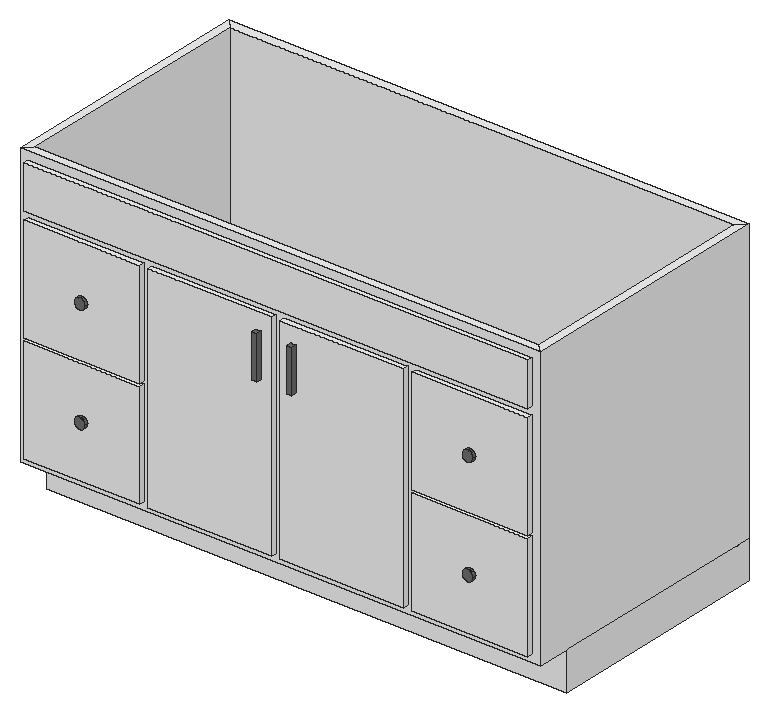
Revit family "5523f070517b461abfba1583701aeba6", category Casework, Revit 2021
Family settings
  OmniClass Number = 23.40.35.17.47.14
  OmniClass Title = Bathroom Casework
  Seek Item ID = Vanity Cabinet-Double Door & 4 Drawer-0000-USA-ENU
  Work Plane-Based = No
  Always vertical = Yes
  Cut with Voids When Loaded = No
  Shared = No
  Room Calculation Point = No
Parameters (values of type "48"")
  Default Elevation = 0' - 0"
  Assembly Code = "C1030410"
  Cabinet Material = none
  Depth = 2' - 0"
  Door/Drawer Material = none
  Handle Material = Cabinets - Handles
  Height = 2' - 5 1/2"
  Toe Depth = 0' - 3"
  Toe Height = 0' - 3 1/2"
  Width = 4' - 0"
Reference planes (in)
  plane 1 "Back": y = 0
  plane 2: z = 0
  plane 3 "Center": x = 3.57657
  plane 4 "Left": x = -20.42343
  plane 5 "Right": x = 27.57657
  plane 6 "Front": y = -24
  plane 7 "Top": z = 29.5
  plane 8: y = -21
  plane 9: z = 3.5
  plane 10: z = 28.75
  plane 11: z = 4.25
  plane 12: x = -19.67343
  plane 13: x = 26.82657
  plane 14: z = 24.75
  plane 15: z = 24
  plane 16: z = 22.5
  plane 17: z = 18.5
  plane 18: x = 2.20157
  plane 19: x = 1.70157
  plane 20: x = 3.20157
  plane 21: x = 3.95157
  plane 22: x = 15.38907
  plane 23: z = 19.0625
  plane 24: z = 9.1875
  plane 25: z = 14.125
  plane 26: x = -8.23593
  plane 27: x = -8.61093
  plane 28: x = -8.98593
  plane 29: x = 16.13907
  plane 30: x = 15.76407
  plane 31: x = 21.48282
  plane 32: x = -14.32968
  plane 33: x = 4.95157
  plane 34: x = 5.45157
Forms (in)
  Extrusion 1, solid, material <- "Cabinet Material"
    sketch origin (0, 0, 0) x (1, 0, 0) y (0, 1, 0)
      loop
        line (-20.42343, 0) -> (-20.42343, -21) -> (27.57657, -21) -> (27.57657, 0) -> (-20.42343, 0)
    from 0 to 3.5
  Sweep 2, solid, material <- "Cabinet Material"
    path origin (0, 0, 0) x (1, 0, 0) y (0, 1, 0)
      loop
        line (27.57657, 0) -> (-20.42343, 0) -> (-20.42343, -24) -> (27.57657, -24) -> (27.57657, 0)
    profile origin (0, -12, 0) x (1, 0, 0) y (0, 0, 1)
      loop
        line (27.57657, 3.5) -> (27.57657, 29.5) -> (26.82657, 29.5) -> (26.82657, 3.5) -> (27.57657, 3.5)
  Extrusion 3, solid, material "Cabinets"
    sketch origin (0, 0, 0) x (1, 0, 0) y (0, 1, 0)
      loop
        line (-19.67343, -0.75) -> (-19.67343, -23.25) -> (26.82657, -23.25) -> (26.82657, -0.75) -> (-19.67343, -0.75)
    from 4.25 to 3.5
  Extrusion 4, solid, material "Cabinets - Handles" <- "Handle Material"
    sketch origin (0, -24, 0) x (1, 0, 0) y (0, 0, 1)
      loop
        circle (21.48282, 9.1875) r 0.5
      loop
        circle (21.48282, 19.0625) r 0.5
    from 0.5 to 0.75
  Extrusion 5, solid, material "Cabinets - Handles" <- "Handle Material"
    sketch origin (0, -24, 0) x (1, 0, 0) y (0, 0, 1)
      loop
        circle (-14.32968, 19.0625) r 0.5
      loop
        circle (-14.32968, 9.1875) r 0.5
    from 0.5 to 0.75
  Extrusion 6, solid, material <- "Door/Drawer Material"
    sketch origin (0, -24, 0) x (1, 0, 0) y (0, 0, 1)
      loop
        line (26.82657, 28.75) -> (-19.67343, 28.75) -> (-19.67343, 24.75) -> (26.82657, 24.75) -> (26.82657, 28.75)
      loop
        line (26.82657, 24) -> (16.13907, 24) -> (16.13907, 14.25) -> (26.82657, 14.25) -> (26.82657, 24)
      loop
        line (26.82657, 4.25) -> (26.82657, 14) -> (16.13907, 14) -> (16.13907, 4.25) -> (26.82657, 4.25)
      loop
        line (-8.98593, 24) -> (-19.67343, 24) -> (-19.67343, 14.25) -> (-8.98593, 14.25) -> (-8.98593, 24)
      loop
        line (-8.98593, 4.25) -> (-8.98593, 14) -> (-19.67343, 14) -> (-19.67343, 4.25) -> (-8.98593, 4.25)
      loop
        line (-8.23593, 24) -> (-8.23593, 4.25) -> (3.20157, 4.25) -> (3.20157, 24) -> (-8.23593, 24)
      loop
        line (3.95157, 24) -> (3.95157, 4.25) -> (15.38907, 4.25) -> (15.38907, 24) -> (3.95157, 24)
    from 0 to 0.5
  Extrusion 7, solid, material "Cabinets - Handles" <- "Handle Material"
    sketch origin (0, -24, 0) x (1, 0, 0) y (0, 0, 1)
      loop
        line (1.70157, 22.5) -> (1.70157, 18.5) -> (2.20157, 18.5) -> (2.20157, 22.5) -> (1.70157, 22.5)
      loop
        line (4.95157, 22.5) -> (4.95157, 18.5) -> (5.45157, 18.5) -> (5.45157, 22.5) -> (4.95157, 22.5)
    from 0.5 to 1
Lines and regions (in)
  Masking region 1
    outline origin (0, 0, 0) x (1, 0, 0) y (0, 1, 0)
      loop
        line (-20.42343, 0) -> (-20.42343, -24) -> (27.57657, -24) -> (27.57657, 0) -> (-20.42343, 0)
  model lines
    curve 1: line (26.82657, -24, 24.75) -> (-19.67343, -24, 24.75)
    curve 2: line (26.82657, -24, 28.75) -> (26.82657, -24, 24.75)
    curve 3: line (-19.67343, -24, 28.75) -> (26.82657, -24, 28.75)
    curve 4: line (-19.67343, -24, 24.75) -> (-19.67343, -24, 28.75)
    curve 5: line (-19.67343, -24, 24) -> (-8.98593, -24, 24)
    curve 6: line (-19.67343, -24, 4.25) -> (-19.67343, -24, 24)
    curve 7: line (1.70157, -24, 22.5) -> (2.20157, -24, 22.5)
    curve 8: line (1.70157, -24, 18.5) -> (1.70157, -24, 22.5)
    curve 9: line (2.20157, -24, 18.5) -> (1.70157, -24, 18.5)
    curve 10: line (2.20157, -24, 22.5) -> (2.20157, -24, 18.5)
    curve 11: line (3.20157, -24, 4.25) -> (3.20157, -24, 24)
    curve 12: line (3.20157, -24, 4.25) -> (-8.23593, -24, 4.25)
    curve 20: line (16.13907, -24, 24) -> (16.13907, -24, 4.25)
    curve 21: line (-8.23593, -24, 24) -> (-8.23593, -24, 4.25)
    curve 22: line (-8.98593, -24, 24) -> (-8.98593, -24, 4.25)
    curve 23: line (15.38907, -24, 24) -> (15.38907, -24, 4.25)
    curve 24: line (-8.98593, -24, 14.125) -> (-19.67343, -24, 14.125)
    curve 25: line (4.95157, -24, 22.5) -> (5.45157, -24, 22.5)
    curve 26: line (4.95157, -24, 18.5) -> (4.95157, -24, 22.5)
    curve 27: line (5.45157, -24, 18.5) -> (4.95157, -24, 18.5)
    curve 28: line (5.45157, -24, 22.5) -> (5.45157, -24, 18.5)
    curve 33: line (-8.23593, -24, 24) -> (3.20157, -24, 24)
    curve 34: line (-8.98593, -24, 4.25) -> (-19.67343, -24, 4.25)
  model lines, style "Elevation Swing"
    curve 13: line (3.20157, -24, 24) -> (-8.23593, -24, 14.125)
    curve 14: line (-8.23593, -24, 14.125) -> (3.20157, -24, 4.25)
    curve 29: line (3.95157, -24, 24) -> (15.38907, -24, 14.125)
    curve 30: line (15.38907, -24, 14.125) -> (3.95157, -24, 4.25)
  model lines, style "Casework"
    curve 15: line (3.95157, -24, 4.25) -> (15.38907, -24, 4.25)
    curve 16: line (3.95157, -24, 24) -> (3.95157, -24, 4.25)
    curve 17: line (26.82657, -24, 24) -> (16.13907, -24, 24)
    curve 18: line (26.82657, -24, 4.25) -> (26.82657, -24, 24)
    curve 19: line (26.82657, -24, 14.125) -> (16.13907, -24, 14.125)
    curve 31: line (15.38907, -24, 24) -> (3.95157, -24, 24)
    curve 32: line (16.13907, -24, 4.25) -> (26.82657, -24, 4.25)
Dimensions and locks (in)
  "Depth": plane 6 "Front" to plane 1 "Back"
  "Width": plane 4 "Left" to plane 5 "Right"
  equal spacing: plane 4 "Left", plane 3 "Center", plane 5 "Right"
  "Height": level to plane 7 "Top"
  "Toe Height": plane 2 to plane 9
  "Toe Depth": plane 6 "Front" to plane 8
  locked: plane 4 "Left" to plane 12 at 0.75
  locked: plane 13 to plane 5 "Right" at 0.75
  locked: plane 7 "Top" to plane 10 at 0.75
  locked: plane 11 to plane 9 at 0.75
  plane 10 to plane 14 to plane 15 = 0' - 4" locked, 0' - 0 3/4" locked
  plane 15 to plane 16 to plane 17 = 0' - 1 1/2" locked, 0' - 4" locked
  plane 21 to plane 3 "Center" to plane 20 = 0' - 0 3/8" locked, 0' - 0 3/8" locked
  plane 20 to plane 18 to plane 19 = 0' - 1" locked, 0' - 0 1/2" locked
  equal spacing: plane 13, plane 22, plane 21
  locked: plane 2 to level
  equal spacing: plane 14, plane 25, plane 9
  equal spacing: plane 25, plane 24, plane 11
  equal spacing: plane 15, plane 23, plane 25
  plane 26 to plane 27 to plane 28 = 0' - 0 3/8" locked, 0' - 0 3/8" locked
  equal spacing: plane 20, plane 26, plane 12
  equal spacing: plane 13, plane 31, plane 29
  plane 29 to plane 30 to plane 22 = 0' - 0 3/8" locked, 0' - 0 3/8" locked
  equal spacing: plane 12, plane 32, plane 28
  plane 21 to plane 33 to plane 34 = 0' - 1", 0' - 0 1/2"
  aligned and locked: plane 1 "Back" to Extrusion 1 sketch curve
  aligned and locked: Extrusion 1 sketch curve to plane 5 "Right"
  aligned and locked: Extrusion 1 sketch curve to plane 8
  aligned and locked: plane 4 "Left" to Extrusion 1 sketch curve
  aligned and locked: Extrusion 1 to level
  aligned and locked: Sweep 2 sketch curve to plane 6 "Front"
  aligned and locked: plane 1 "Back" to Sweep 2 sketch curve
  aligned and locked: Sweep 2 sketch curve to plane 5 "Right"  (x2)
  aligned and locked: plane 4 "Left" to Sweep 2 sketch curve
  aligned and locked: plane 7 "Top" to Sweep 2 sketch curve
  aligned and locked: Sweep 2 sketch curve to plane 9
  aligned and locked: Sweep 2 to Extrusion 3 sketch curve  (x2)
  aligned and locked: Extrusion 3 sketch curve to Sweep 2  (x2)
  aligned and locked: Extrusion 3 to plane 11
  aligned and locked: plane 9 to Extrusion 3
  aligned and locked: Extrusion 1 to plane 9
  aligned and locked: plane 21 to curve 15
  aligned and locked: plane 11 to curve 15
  aligned and locked: plane 15 to curve 18
  aligned and locked: curve 18 to Sweep 2
  aligned and locked: curve 19 to plane 25
  aligned and locked: plane 26 to curve 13
  aligned and locked: plane 1 "Back" to Masking region 1 sketch curve
  aligned and locked: Masking region 1 sketch curve to plane 6 "Front"
  aligned and locked: plane 4 "Left" to Masking region 1 sketch curve
  aligned and locked: Masking region 1 sketch curve to plane 5 "Right"
Automatic sketch dimensions
  profile plane to Sweep 2 sketch curve = 0' - 0 3/4"
  Extrusion 4 sketch curve to plane 23 = 0' - 0"
  Extrusion 4 sketch curve to plane 24 = 0' - 0"
  Extrusion 4 sketch curve to plane 31 = 0' - 0"  (x2)
  Extrusion 4 sketch curve to Extrusion 4 sketch curve = 0' - 0 1/2"  (x2)
  curve 2 to plane 10 = 0' - 0"
  curve 2 to plane 13 = 0' - 0"
  curve 20 to plane 29 = 0' - 0"
  curve 28 to plane 16 = 0' - 0"
  curve 28 to plane 34 = 0' - 0"
  curve 26 to plane 33 = 0' - 0"
  curve 33 to plane 15 = 0' - 0"
  curve 33 to plane 20 = 0' - 0"
  curve 13 to plane 15 = 0' - 0"
  curve 13 to plane 20 = 0' - 0"
  curve 14 to plane 11 = 0' - 0"
  curve 14 to plane 20 = 0' - 0"
  curve 10 to plane 17 = 0' - 0"
  curve 10 to plane 18 = 0' - 0"
  curve 8 to plane 16 = 0' - 0"
  curve 8 to plane 19 = 0' - 0"
  curve 24 to plane 25 = 0' - 0"
  curve 24 to plane 28 = 0' - 0"
  curve 4 to plane 12 = 0' - 0"
  curve 6 to plane 12 = 0' - 0"
  curve 24 to plane 12 = 0' - 0"
  curve 1 to plane 14 = 0' - 0"
  curve 21 to plane 15 = 0' - 0"
  curve 22 to plane 15 = 0' - 0"
  curve 27 to plane 17 = 0' - 0"
  curve 30 to plane 25 = 0' - 0"
  curve 14 to plane 25 = 0' - 0"
  curve 22 to plane 11 = 0' - 0"
  curve 21 to plane 11 = 0' - 0"
  curve 34 to plane 11 = 0' - 0"
  curve 33 to plane 26 = 0' - 0"
  plane 26 to curve 12 = 0' - 0"
  curve 5 to plane 15 = 0' - 0"
  plane 26 to curve 5 = 0' - 0 3/4"
  curve 34 to plane 28 = 0' - 0"
  curve 11 to plane 11 = 0' - 0"
  curve 15 to plane 22 = 0' - 0"
  curve 32 to plane 11 = 0' - 0"
  curve 31 to plane 15 = 0' - 0"
  Extrusion 5 sketch curve to plane 24 = 0' - 0"
  Extrusion 5 sketch curve to plane 23 = 0' - 0"
  Extrusion 5 sketch curve to plane 32 = 0' - 0"  (x2)
  Extrusion 5 sketch curve to Extrusion 5 sketch curve = 0' - 0 1/2"  (x2)
  Extrusion 6 sketch curve to plane 12 = 0' - 0"  (x3)
  Extrusion 6 sketch curve to plane 10 = 0' - 0"
  Extrusion 6 sketch curve to plane 28 = 0' - 0"  (x2)
  Extrusion 6 sketch curve to plane 15 = 0' - 0"  (x4)
  Extrusion 6 sketch curve to plane 26 = 0' - 0"
  Extrusion 6 sketch curve to plane 11 = 0' - 0"  (x4)
  Extrusion 6 sketch curve to plane 20 = 0' - 0"
  Extrusion 6 sketch curve to plane 21 = 0' - 0"
  Extrusion 6 sketch curve to plane 22 = 0' - 0"
  Extrusion 6 sketch curve to plane 29 = 0' - 0"  (x2)
  Extrusion 6 sketch curve to plane 13 = 0' - 0"  (x3)
  Extrusion 6 sketch curve to plane 14 = 0' - 0"
  plane 25 to Extrusion 6 sketch curve = 0' - 0 1/8"  (x2)
  Extrusion 6 sketch curve to plane 25 = 0' - 0 1/8"  (x2)
  Extrusion 7 sketch curve to plane 17 = 0' - 0"  (x2)
  Extrusion 7 sketch curve to plane 19 = 0' - 0"
  Extrusion 7 sketch curve to plane 18 = 0' - 0"
  Extrusion 7 sketch curve to plane 16 = 0' - 0"  (x2)
  Extrusion 7 sketch curve to plane 33 = 0' - 0"
  Extrusion 7 sketch curve to plane 34 = 0' - 0"
